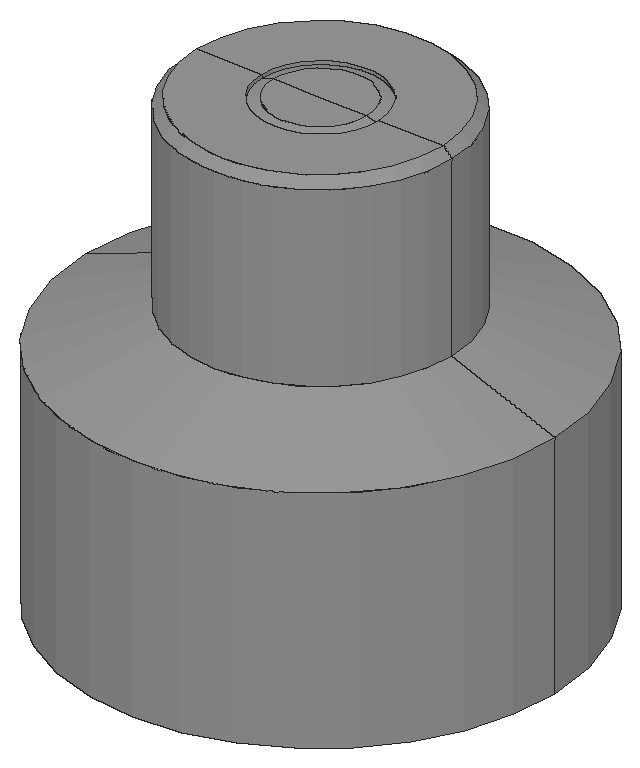
Revit family "4069219 Sylvania Lighting Fixture PATHE GROUND ROUND1 NARROW 63LM LED 3K", category Lighting Fixtures, host Face, Revit 2016
Family settings
  Host = Face
  Part Type = Normal
  Round Connector Dimension = Use Diameter
  OmniClass Number = 23.80.70.00
  OmniClass Title = Lighting
  Cut with Voids When Loaded = No
  Light Source = Yes
  Shared = No
  Room Calculation Point = No
Parameters (values of type "4069219 PATHE/G/R1 NAR 63LM LED 3K")
  Weight = "0.23 kg"
  Wattage Comments = ""
  Wattage = 1.5 W
  WarrantyStartDate [instance] = "n/a"
  WarrantyGuarantorParts = "n/a"
  WarrantyDurationUnit = "n/a"
  WarrantyDurationParts = "n/a"
  WarrantyDescription = "n/a"
  built-in parameter 1150110 = 1 (stored number, unit not read)
  Voltage = 0 V
  URL = "http://www.sylvania-lighting.com"
  TypeName = "PATHE/GROUND/ROUND1 NARROW 63LM LED 3K"
  Type Image = <None>
  Type Comments = "n/a"
  built-in parameter 1114217 = 1 (stored number, unit not read)
  Tilt Angle = -90.00°
  built-in parameter 1150109 = 1 (stored number, unit not read)
  built-in parameter 1150134 = (empty or 0)
  built-in parameter 1150113 = 1 (stored number, unit not read)
  SerialNumber [instance] = "n/a"
  Radius_SYL = 22.5 mm
  RadiusDiffuser_SYL = 10 mm
  Photometric Web File = "4069219.ies"
  Material_3_SYL = none
  PowerFactor = 0
  PowerConsumption = "1.5 W"
  NominalLength = 45 mm
  NominalHeight = 75 mm
  NominalDepth = 0 mm
  Name = "PATHE/GROUND/ROUND1 NARROW 63LM LED 3K"
  ModelReference = Name  # "PATHE/GROUND/ROUND1 NARROW 63LM LED 3K"
  ModelNumber = "4069219"
  Model = Name  # "PATHE/GROUND/ROUND1 NARROW 63LM LED 3K"
  Material = "corrosion resistant die-cast aluminium housing, anti uv polycarbonate diffuser"
  ManufacturerName = "Feilo Sylvania"
  Manufacturer = "Feilo Sylvania"
  LuminousEfficacy = "42 lm/W"
  built-in parameter 1150105 = 5.0134 (stored number, unit not read)
  Lumens = 63 lm
  LuminaireType = ""
  built-in parameter 1150115 = 1 (stored number, unit not read)
  LightOutputRatio = "100"
  built-in parameter 1150137 = (empty or 0)
  built-in parameter 1150139 = (empty or 0)
  LampsType = Lamp  # "LED"
  LampNominalLuminous = "63 lm"
  LampMacAdamStep = "n/a"
  LampColourTemperature = "3000 K"
  LampColourRenderingIndex = "80"
  built-in parameter 1150112 = 1 (stored number, unit not read)
  built-in parameter 1150114 = 1 (stored number, unit not read)
  Lamp = "LED"
  Keynote = "16500"
  InstallationDate [instance] = "n/a"
  InputVoltage = "n/a"
  InputNominalFrequency = "n/a"
  built-in parameter 1150132 = (empty or 0)
  built-in parameter 1150102 = (empty or 0)
  built-in parameter 1150107 = 3000 (stored number, unit not read)
  built-in parameter 1150138 = (empty or 0)
  IngressProtection = "IP68"
  ImpactProtectionIndex = "IK10"
  built-in parameter 1150106 = 0.050134 (stored number, unit not read)
  IfcExportType = "IfcLightFixtureType"
  IfcExportAs = "IfcLightFixtureType"
  HieghtTop_SYL = 2 mm
  ExpectedLife = 50000
  Emit from Circle Diameter = RadiusDiffuser_SYL * 2  # 20 mm
  Emit Shape Visible in Rendering = no
  ElectricShockClassification = "Class III"
  built-in parameter 1150104 = 3.9019 (stored number, unit not read)
  DurationUnit = "hours"
  DocumentationLiterature = "http://www.sylvania-lighting.com/product/en-int/products/4069219"
  DimmingControlOptions = "n/a"
  Material_2_SYL = Polycarbonate, Clear
  Dimming Lamp Color Temperature Shift = <None>
  Description = "Round recessed ground luminaireCorrosion resistant die-cast aluminium, 63lm, 1.5W, 42lm/W, 3000K, CRI80+, 7°, non dimmable, IP68, IK10, (ØxD) Ø45x75mm, 3 step MacAdam ellipse, Class III, 12-24V-DC, A++ A+ A"
  Default Elevation = 1219.2 mm
  CreatedOn = "9/21/2018"
  CreatedBy = "@sylvania-lighting.com"
  Cost = 0
  Color Filter = 16777215
  built-in parameter 1114216 [instance] = (empty or 0)
  ClassificationValue = "EF_70_80"
  ClassificationName = "Uniclass2015"
  Material_1_SYL = Aluminum 6061 T6 80 Hot Formed
  ChamferTop_SYL = 1.5 mm
  ChamferDiffuserTop_SYL = 2 mm
  ChamferDiffuserSide_SYL = 0.5 mm
  BarCode [instance] = "n/a"
  built-in parameter 1114218 = 1 (stored number, unit not read)
  built-in parameter 1150133 = 10 (stored number, unit not read)
  AssetType = "Fixed"
  AssetIdentifier [instance] = "n/a"
  Assembly Code = "D5020200"
  Apparent Load = 1.5 VA
  Material_4_SYL = none
Reference planes
  plane 1 "Center (Front/Back)": y = 0
  plane 2: z = 0
  plane 3 "Center (Left/Right)": x = 0
  plane 4: x = -40
  plane 5: x = -22.5
  plane 6: z = -75
  plane 7: x = -10
  plane 8: z = 2
  plane 9: x = -21
  plane 10: z = -36
  plane 11: z = -29.5
  plane 12: x = -8
  plane 13: z = 1.5
  plane 14: z = -6
  plane 15: z = 0.5
Forms (mm)
  Revolve 1, solid, material "Aluminum 6061 T6 80 Hot Formed" <- "Material_1_SYL"
    sketch origin (0, 0, 0) x (1, 0, 0) y (0, 0, 1)
      loop
        line (0, -75) -> (0, -6) -> (-21, -6) -> (-21, 0) -> (-10, 0) -> (-10, 2) -> (-21, 2) -> (-22.5, 0.5) -> (-22.5, -29.5) -> (-40, -36) -> (-40, -75) -> (0, -75)
      axis (0, 2) -> (0, -75)
    angle from 360 to 0
  Revolve 2, solid, material "Polycarbonate, Clear" <- "Material_2_SYL"
    sketch origin (0, 0, 0) x (1, 0, 0) y (0, 0, 1)
      loop
        line (-10, 1.5) -> (-10, 0) -> (0, 0) -> (0, 2) -> (-8, 2) -> (-10, 1.5)
      axis (0, 2) -> (0, 0)
    angle from 360 to 0
  Revolve 3, void
    sketch origin (0, 0, 0) x (1, 0, 0) y (0, 0, 1)
      loop
        line (0, 0) -> (-22.5, 0) -> (-22.5, -29.5) -> (-40, -36) -> (-40, -75) -> (0, -75) -> (0, 0)
      axis (0, 0) -> (0, -75)
    angle from 360 to 0
Cuts and joins
  Revolve 3 cuts Revolve 2
Dimensions and locks
  locked: plane 2 to plane 6 at 75
  locked: plane 3 "Center (Left/Right)" to plane 4 at 40
  "Radius_SYL": plane 3 "Center (Left/Right)" to plane 5
  "RadiusDiffuser_SYL": plane 3 "Center (Left/Right)" to plane 7
  "ChamferTop_SYL": plane 9 to plane 5
  "ChamferDiffuserSide_SYL": plane 8 to plane 13
  "ChamferDiffuserTop_SYL": plane 12 to plane 7
  locked: plane 2 to plane 14 at 6
  "ChamferTop_SYL": plane 8 to plane 15
  "HieghtTop_SYL": plane 8 to plane 2
  aligned and locked: plane 2 to host face
  aligned and locked: level to host face
  aligned and locked: Revolve 1 sketch curve to plane 3 "Center (Left/Right)"  (x2)
  aligned and locked: plane 3 "Center (Left/Right)" to Revolve 1 sketch curve
  aligned and locked: Revolve 1 sketch curve to plane 6
  aligned and locked: plane 4 to Revolve 1 sketch curve
  aligned and locked: plane 5 to Revolve 1 sketch curve
  aligned and locked: plane 8 to Revolve 1 sketch curve
  aligned and locked: level to Revolve 1 sketch curve
  aligned and locked: plane 9 to Revolve 1 sketch curve  (x2)
  aligned and locked: plane 7 to Revolve 1 sketch curve
  aligned and locked: plane 8 to Revolve 2 sketch curve
  aligned and locked: Revolve 2 sketch curve to plane 3 "Center (Left/Right)"  (x2)
  aligned and locked: Revolve 1 to Revolve 2 sketch curve
  aligned and locked: plane 14 to Revolve 1 sketch curve
  aligned and locked: plane 12 to Revolve 2 sketch curve
  aligned and locked: plane 7 to Revolve 2 sketch curve
  aligned and locked: plane 13 to Revolve 2 sketch curve
  aligned and locked: imposter light to plane 8
  aligned and locked: imposter light to plane 1 "Center (Front/Back)"
  aligned and locked: plane 3 "Center (Left/Right)" to imposter light
  aligned and locked: plane 15 to Revolve 1 sketch curve
  aligned and locked: Revolve 3 sketch curve to plane 3 "Center (Left/Right)"
  aligned and locked: plane 3 "Center (Left/Right)" to Revolve 3 sketch curve  (x2)
  aligned and locked: Revolve 3 sketch curve to Revolve 1  (x3)
  aligned and locked: Revolve 3 sketch curve to plane 5
  aligned and locked: Revolve 1 to Revolve 3 sketch curve
Automatic sketch dimensions
  host sketch curve to host sketch curve = 2438.4 mm  (x2)
  plane 6 to Revolve 2 sketch curve = 534.6 mm
  Revolve 2 sketch curve to Revolve 2 sketch curve = 2607.058 mm
  Revolve 1 sketch curve to plane 10 = 0 mm
  Revolve 1 sketch curve to plane 11 = 0 mm
  plane 6 to Revolve 1 sketch curve = 534.6 mm
  Revolve 1 sketch curve to plane 8 = 2607.058 mm
  Revolve 3 sketch curve to plane 11 = 0 mm
  plane 6 to Revolve 3 sketch curve = 534.6 mm
  Revolve 3 sketch curve to plane 8 = 2607.058 mm
Connectors
  electrical at (0, 0, 0), driven by "Apparent Load", driven by "PowerFactor", driven by "Voltage"
    settings: index 1, voltage 0 V, apparent load 1.5 VA, apparent load phase1 0 VA, apparent load phase2 0 VA, apparent load phase3 0 VA, power factor 0, load classification "Lighting", number of poles 1, system type 30, power factor state 1, is connector primary yes, connector utility no, sub classification motor no, connector description ""
